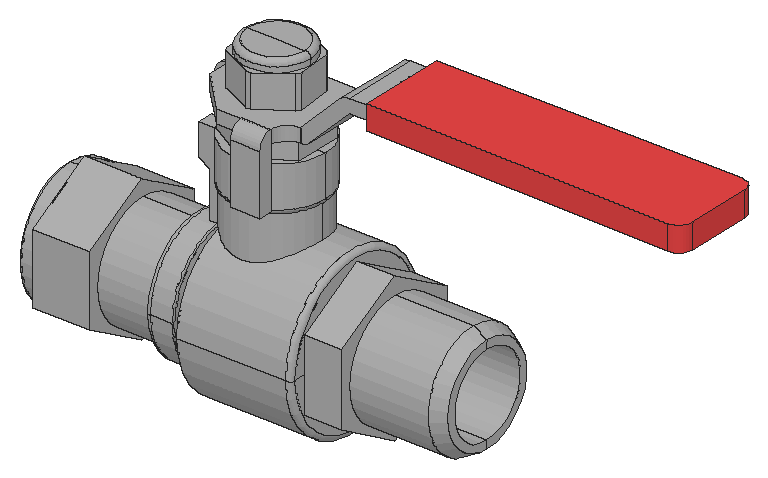
Revit family "QA11020000", category Apparecchi idraulici, Revit 2016
Family settings
  Tipo di parte = Normale
  Quota connettore circolare = Usa diametro
  Numero OmniClass = 23.45.00.00
  Titolo OmniClass = Sanitary, Laundry, and Cleaning Equipment
  Basato su piano di lavoro = No
  Sempre verticale = Sì
  Taglio con vuoti quando caricato = No
  Condiviso = No
  Punto di calcolo locali = No
Parameters
  URL = "https://web.cimberio.it/index.php/figura/209?subcategoria_id=42864"
  DN Model [instance] = QA11023110 : QA11023110
  DN [instance] = 15 mm
Reference planes
  plane 1 "Centro (Fronte/Retro)": y = 0
  plane 2: z = 0
  plane 3 "Centro (Sinistra/Destra)": x = 0
Dimensions and locks
  aligned and locked: level to plane 2
Nested families
  nested 1: "QA11023110" at (0, 0, 0), type <- "DN Model", type "QA11023110"
    with DN 10 mm
  nested 2: "QA11023110" at (0, 0, 0), type <- "DN Model", type "QA11023110"
    with DN 10 mm
  nested 3: "QA11023110" at (0, 0, 0), type <- "DN Model", type "QA11023110"
    with DN 10 mm
  nested 4: "QA11023110" at (0, 0, 0), type <- "DN Model", type "QA11023110"
    with DN 10 mm
  nested 5: "QA11023110" at (0, 0, 0), type <- "DN Model", type "QA11023110"
    with DN 10 mm
  nested 6: "QA11023110" at (0, 0, 0), type <- "DN Model", type "QA11023110"
    with DN 10 mm
  nested 7: "QA11023110" at (0, 0, 0), type <- "DN Model", type "QA11023110"
    with DN 10 mm
  nested 8: "QA11023110" at (0, 0, 0), type <- "DN Model", type "QA11023110"
    with DN 10 mm
  nested 9: "QA11023110" at (0, 0, 0), type <- "DN Model", type "QA11023110"
    with DN 10 mm
Connectors
  piping at (38.6, 0, 0), diameter 15, driven by "DN"
    settings: on nested 1, index 1, connector inside diameter 609.6 mm, connector length 0 mm, flow factor 0, pipe flow 0.0 L/s, pressure drop 0.0 Pa, fitting loss kfactor 0, connector angle 0.00°, fixture units 0, engagement length 0 mm, angle of deflection 0.00°, flow configuration 0, flow direction 0, fitting loss method 0, system type 7, joint type 0, gender type 0, connector reference index -1, connector utility 0, adjustable connector no, is connector primary yes, connector description ""
  piping at (-35.13, 0, 0), diameter 15, driven by "DN"
    settings: on nested 1, index 2, connector inside diameter 609.6 mm, connector length 0 mm, flow factor 0, pipe flow 0.0 L/s, pressure drop 0.0 Pa, fitting loss kfactor 0, connector angle 0.00°, fixture units 0, engagement length 0 mm, angle of deflection 0.00°, flow configuration 0, flow direction 0, fitting loss method 0, system type 7, joint type 0, gender type 0, connector reference index -1, connector utility 0, adjustable connector no, is connector primary no, connector description ""
Definition of nested family "QA11023110"
  Parameters (values of type "QA11023110")
    DN [instance] = 10 mm  # constant formula
  Reference planes
    plane 1 "Centro (Fronte/Retro)": y = 0
    plane 2: z = 0
    plane 3 "Centro (Sinistra/Destra)": x = 0
  Forms (mm)
    Revolve 1, solid
      sketch origin (0, 0, 0) x (1, 0, 0) y (0, 1, 0)
        loop
          line (-14.5, 7.5) -> (14.6, 7.5) -> (14.6, 14)
          arc (14.6, 14) -> (14.307, 14.707) -> (13.6, 15) r 1
          line (13.6, 15) -> (-6.25, 15) -> (-8.888, 12.362)
          arc (-8.888, 12.362) -> (-9.236, 12.095) -> (-9.664, 12) r 1.013
          line (-9.664, 12) -> (-13.5, 12)
          arc (-13.5, 12) -> (-14.207, 11.707) -> (-14.5, 11) r 1
          line (-14.5, 11) -> (-14.5, 7.5)
        axis (-14.5, 0) -> (14.6, 0)
      angle from 0 to 360
    Revolve 2, solid
      sketch origin (0, 0, 0) x (1, 0, 0) y (0, 0, 1)
        loop
          line (-14.139, 10.375) -> (-26.587, 10.375) -> (-26.587, 7.5) -> (-14.139, 7.5) -> (-14.139, 10.375)
        axis (-26.587, 0) -> (-14.139, 0)
      angle from 0 to 360
    Revolve 3, solid
      sketch origin (0, 0, 0) x (-1, 0, 0) y (0, 0, -1)
        loop
          line (-21.6, -10.406) -> (-21.6, -7.5) -> (-38.6, -7.5) -> (-38.6, -8.962) -> (-36.1, -10.406) -> (-21.6, -10.406)
        axis (-38.6, 0) -> (-21.6, 0)
      angle from 0 to 360
    Extrusion 4, solid
      sketch origin (-11, 0, 0) x (0, 0, 1) y (0, 1, 0)
        loop
          circle (0, 0) r 7.5
        loop
          line (13.25, 0) -> (6.38, 11.9) -> (-6.38, 11.9) -> (-13.25, 0) -> (-6.38, -11.9) -> (6.38, -11.9) -> (13.25, 0)
      from 13.63 to 24.13
    Extrusion 5, solid
      sketch origin (0, 0, 0) x (0, 1, 0) y (0, 0, 1)
        loop
          circle (0, 0) r 7.5
        loop
          line (0, 13.5) -> (-12, 6.572) -> (-12, -6.572) -> (0, -13.5) -> (12, -6.572) -> (12, 6.572) -> (0, 13.5)
      from 14.6 to 21.6
    Revolve 6, solid
      sketch origin (0, 0, 0) x (1, 0, 0) y (0, 0, 1)
        loop
          line (-35.13, 11.5) -> (-37.63, 11.5)
          arc (-37.63, 11.5) -> (-37.998, 11.287) -> (-38.13, 10.883) r 0.596
          line (-38.13, 10.883) -> (-38.13, 7.5) -> (-35.13, 7.5) -> (-35.13, 11.5)
        axis (-38.13, 0) -> (-35.13, 0)
      angle from 0 to 360
    Revolve 7, solid
      sketch origin (0, 0, 0) x (1, 0, 0) y (0, 0, 1)
        loop
          line (0.063, 29.299) -> (0.063, 11.623) -> (8.5, 11.623) -> (8.5, 21)
          arc (8.5, 21) -> (8.863, 21.294) -> (9, 21.742) r 0.8
          line (9, 21.742) -> (9, 29.299) -> (0.063, 29.299)
        axis (0.063, 11.623) -> (0.063, 29.299)
      angle from 0 to 360
    Extrusion 8, solid
      sketch origin (0, 0, 0) x (1, 0, 0) y (0, 0, 1)
        loop
          line (-13, 27.288) -> (-13, 21.5) -> (-11, 20.345) -> (-11, 10.345) -> (-7.86, 10.345) -> (-7.86, 27.288) -> (-13, 27.288)
      from -1.5 to 1.5
    Extrusion 9, solid
      sketch origin (0, 0, 28.55) x (1, 0, 0) y (0, 1, 0)
        loop
          line (0, 8.66) -> (-7.5, 4.33) -> (-7.5, -4.33) -> (0, -8.66) -> (7.5, -4.33) -> (7.5, 4.33) -> (0, 8.66)
      from 0.749 to 4.75
    Extrusion 10, solid
      sketch origin (0, 0, 28.55) x (1, 0, 0) y (0, 1, 0)
        loop
          circle (0, 0) r 7.5
      from 4.75 to 5.75
    Extrusion 11, solid
      sketch origin (0, 0, 28.55) x (1, 0, 0) y (0, 1, 0)
        loop
          line (-10, 7) -> (-10, -2.9) -> (-2.9, -10) -> (7, -10)
          arc (7, -10) -> (7.879, -7.879) -> (10, -7) r 3
          line (10, -7) -> (10, 7) -> (-10, 7)
      from 5.75 to 8.25
    Extrusion 12, solid
      sketch origin (0, 0, 0) x (1, 0, 0) y (0, 0, 1)
        loop
          arc (-10, 36.8) -> (-11.768, 36.068) -> (-12.5, 34.3) r 2.5
          line (-12.5, 34.3) -> (-12.5, 25.455) -> (-10, 25.455) -> (-10, 36.8)
      from -7 to -1.5
    Extrusion 13, solid
      sketch origin (-11, 0, 0) x (0, 0, 1) y (0, 1, 0)
        loop
          line (36.8, -10) -> (23.3, -10) -> (23.3, -12.5) -> (34.3, -12.5)
          arc (34.3, -12.5) -> (36.068, -11.768) -> (36.8, -10) r 2.5
      from -18 to -12.6
    Extrusion 14, solid
      sketch origin (0, 0, 0) x (1, 0, 0) y (0, 0, 1)
        loop
          line (10, 36.8) -> (10, 34.3)
          arc (10, 34.3) -> (10.957, 34.49) -> (11.768, 35.032) r 2.5
          line (11.768, 35.032) -> (19.036, 42.3) -> (22.997, 42.3) -> (22.997, 44.8) -> (19.036, 44.8)
          arc (19.036, 44.8) -> (18.079, 44.61) -> (17.268, 44.068) r 2.5
          line (17.268, 44.068) -> (10, 36.8)
      from -7 to 7
    Extrusion 15, solid
      sketch origin (0, 0, 28.55) x (1, 0, 0) y (0, 1, 0)
        loop
          line (22.997, -8) -> (78.497, -8.484)
          arc (78.497, -8.484) -> (80.265, -7.752) -> (80.997, -5.984) r 2.5
          line (80.997, -5.984) -> (80.997, 5.962)
          arc (80.997, 5.962) -> (80.259, 7.746) -> (78.476, 8.484) r 2.522
          line (78.476, 8.484) -> (22.997, 8) -> (22.997, -8)
      from 12.75 to 17.25
    Extrusion 16, solid
      sketch origin (0, 0, 28.55) x (1, 0, 0) y (0, 1, 0)
        loop
          arc (-6.35, 3.498) -> (-6.563, 3.08) -> (-6.749, 2.649) r 7.25
          line (-6.749, 2.649) -> (-6.204, -3.751)
          arc (-6.204, -3.751) -> (-5.949, -4.144) -> (-5.668, -4.52) r 7.25
          line (-5.668, -4.52) -> (0.146, -7.249)
          arc (0.146, -7.249) -> (0.614, -7.224) -> (1.08, -7.169) r 7.25
          line (1.08, -7.169) -> (6.35, -3.498)
          arc (6.35, -3.498) -> (6.563, -3.08) -> (6.749, -2.649) r 7.25
          line (6.749, -2.649) -> (6.204, 3.751)
          arc (6.204, 3.751) -> (5.949, 4.144) -> (5.668, 4.52) r 7.25
          line (5.668, 4.52) -> (-0.146, 7.249)
          arc (-0.146, 7.249) -> (-0.614, 7.224) -> (-1.08, 7.169) r 7.25
          line (-1.08, 7.169) -> (-6.35, 3.498)
      from 8.25 to 14.25
    Revolve 17, solid
      sketch origin (0, 0, 0) x (1, 0, 0) y (0, 0, 1)
        loop
          line (0, 44.8) -> (0, 42.8) -> (6.25, 42.8) -> (6.25, 43.8)
          arc (6.25, 43.8) -> (5.958, 44.506) -> (5.252, 44.8) r 1
          line (5.252, 44.8) -> (0, 44.8)
        axis (0, 44.8) -> (0, 42.8)
      angle from 0 to 360
  Dimensions and locks
    aligned and locked: level to plane 2
